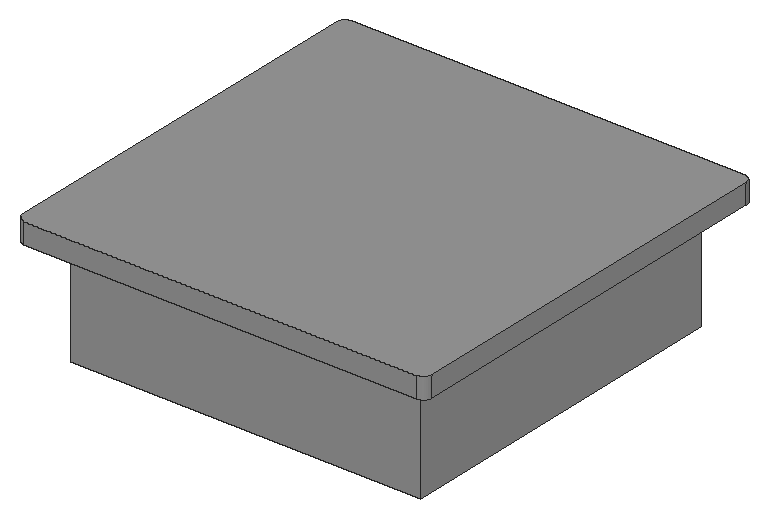
Revit family "CENTUM Schutzkappen XL80 - XL120 Logo Grau", category HLS-Bauteile, Revit 2023
Family settings
  Bemaßung runder Anschluss = Durchmesser verwenden
  Teiletyp = Normal
  Arbeitsebenenbasiert = Ja
  Immer vertikal = Nein
  Beim Laden mit Abzugskörper schneiden = Nein
  Beschriftungsausrichtung beibehalten = Nein
  Gemeinsam genutzt = Ja
  Raumberechnungspunkt = Nein
Parameters (values of type "CENTUM Schutzkappe XL100")
  vpe = "20"
  Default Elevation = 1219.2 mm
  Regelhalter [instance] = ""
  Profiltyp = "XL 100"
  Mengeneinheit = "St"
  Materialname = "PE"
  Material = "Kunststoff"
  L2 = 27 mm
  L1 = 5 mm
  Kurztext2 = "für Profil XL 100 PE Schwarz"
  Kurztext1 = "Schutzkappe CENTUM"
  H2 = 46 mm
  H1 = 22 mm
  Gewicht pro Bauteil = Gewicht  # 0.079 kg
  Gewicht = 0.079 kg
  Firma = "MEFA Befestigungs- und Montagesysteme GmbH"
  Farbe = "Schwarz"
  Fabrikat = "MEFA"
  EAN = "4250928463272"
  BP = 7.5 mm
  B2 = 7.5 mm
  B1 = 100 mm
  B = 100 mm
  Artikelnummer = "1670101"
Types (4, lengths in mm): name | Profiltyp | L2 | Kurztext2 | H2 | H1 | Gewicht pro Bauteil | Gewicht | EAN | BP | B2 | B1 | B | Artikelnummer
  (no name) | "XL 100" | 27 | "für Profil XL 100 PE Schwarz" | 46 | 22 | 0.079 kg | 0.079 kg | "4250928463272" | 7.5 | 7.5 | 100 | 100 | "1670101"
  CENTUM Schutzkappe XL 80 | "XL 80" | 28 | "für Profil XL 80 PE Schwarz" | 37 | 13 | 0.059 kg | 0.059 kg | "4250928463265" | 7 | 7 | 80 | 80 | "1670081"
  CENTUM Schutzkappe XL100 | "XL 100" | 27 | "für Profil XL 100 PE Schwarz" | 46 | 22 | 0.079 kg | 0.079 kg | "4250928463272" | 7.5 | 7.5 | 100 | 100 | "1670101"
  CENTUM Schutzkappe XL120 | "XL 120" | 27 | "für Profil XL 120 PE Schwarz" | 56 | 26.5 | 0.092 kg | 0.092 kg | "4250928463432" | 8.5 | 7.5 | 120 | 100 | "1670121"
Reference planes
  plane 1 "Mitte (Vorne/hinten)": y = 0
  plane 2: z = 0
  plane 3 "Mitte (Links/rechts)": x = 0
  plane 4: z = 5
  plane 5: y = 100
  plane 6: x = 100
  plane 7: y = 7.5
  plane 8: x = 7.5
  plane 9: z = -27
  plane 10: y = 46
  plane 11: x = 22
  plane 12 "Mitte": y = 60
Forms (mm)
  Extrusion 1, solid, material "Acetalharz, schwarz"
    sketch origin (0, 0, 0) x (1, 0, 0) y (0, 1, 0)
      loop
        line (0, 0) -> (98.003, 0)
        arc (98.003, 0) -> (99.415, 0.585) -> (100, 1.997) r 1.997
        line (100, 1.997) -> (100, 97.969)
        arc (100, 97.969) -> (99.405, 99.405) -> (97.969, 100) r 2.031
        line (97.969, 100) -> (1.971, 100)
        arc (1.971, 100) -> (0.577, 99.423) -> (0, 98.029) r 1.971
        line (0, 98.029) -> (0, 0)
    from 0 to 5
  Extrusion 2, void
    sketch origin (0, 0, 0) x (1, 0, 0) y (0, 1, 0)
      loop
        arc (2.028, 0) -> (0.594, 0.594) -> (0, 2.028) r 2.028
        line (0, 2.028) -> (0, 0) -> (2.028, 0)
    from 0 to 5
  Extrusion 3, solid, material "Acetalharz, schwarz"
    sketch origin (0, 0, 0) x (1, 0, 0) y (0, 1, 0)
      loop
        line (7.5, 7.5) -> (93, 7.5) -> (93, 93) -> (7.5, 93) -> (7.5, 7.5)
    from 0 to -27
Cuts and joins
  Extrusion 2 cuts Extrusion 1
Lines and regions (mm)
  model lines
    curve 1: line (0, 50, 0) -> (100, 50, 0)
    curve 2: line (50, 100, 0) -> (50, 0, 0)
Dimensions and locks
  "L1": level to plane 4
  "B": plane 3 "Mitte (Links/rechts)" to plane 6
  "B1": plane 5 to plane 1 "Mitte (Vorne/hinten)"
  "BP": plane 3 "Mitte (Links/rechts)" to plane 8
  "B2": plane 7 to plane 1 "Mitte (Vorne/hinten)"
  "L2": plane 9 to level
  "H2": plane 10 to plane 1 "Mitte (Vorne/hinten)"
  "H1": plane 3 "Mitte (Links/rechts)" to plane 11
  equal spacing: cut or joined group of Extrusion 1, Extrusion 2, curve 2, cut or joined group of Extrusion 1, Extrusion 2
  equal spacing: plane 5, curve 1, plane 1 "Mitte (Vorne/hinten)"
  cut or joined group of Extrusion 1, Extrusion 2 to Extrusion 3 = 7.5 mm  (x2)
  cut or joined group of Extrusion 1, Extrusion 2 to Extrusion 3 = 7 mm
  Extrusion 3 to cut or joined group of Extrusion 1, Extrusion 2 = 7 mm
  aligned and locked: level to plane 2
  aligned and locked: plane 1 "Mitte (Vorne/hinten)" to Extrusion 1 sketch curve
  aligned and locked: plane 3 "Mitte (Links/rechts)" to Extrusion 1 sketch curve
  aligned and locked: Extrusion 1 sketch curve to plane 5
  aligned and locked: Extrusion 1 sketch curve to plane 6
  aligned and locked: Extrusion 1 sketch curve to plane 1 "Mitte (Vorne/hinten)"
  aligned and locked: plane 4 to Extrusion 1
  aligned and locked: Extrusion 1 to Extrusion 2
  aligned and locked: plane 7 to Extrusion 3 sketch curve
  aligned and locked: plane 8 to Extrusion 3 sketch curve
  aligned and locked: level to Extrusion 3
  aligned and locked: Extrusion 3 to plane 9
  aligned and locked: plane 11 to nested 1
  aligned and locked: nested 1 to plane 10
Automatic sketch dimensions
  Extrusion 1 sketch curve to Extrusion 1 sketch curve = 1.971 mm
  Extrusion 1 sketch curve to Extrusion 1 sketch curve = 2.031 mm
  Extrusion 1 sketch curve to plane 6 = 1.997 mm
  plane 1 "Mitte (Vorne/hinten)" to Extrusion 2 sketch curve = 0 mm
  Extrusion 2 sketch curve to plane 3 "Mitte (Links/rechts)" = 0 mm
  Extrusion 2 sketch curve to Extrusion 2 sketch curve = 2.028 mm
  curve 1 to plane 3 "Mitte (Links/rechts)" = 0 mm
  curve 2 to plane 5 = 0 mm
  plane 1 "Mitte (Vorne/hinten)" to curve 2 = 0 mm
  curve 1 to plane 6 = 0 mm
  Extrusion 3 sketch curve to plane 6 = 7 mm
  Extrusion 3 sketch curve to plane 5 = 7 mm
Nested families
  nested 1: "MEFA Logo Dübel Grau groß" at (22, 46, 5), type "MEFA Logo Dübel Grau groß"
Definition of nested family "MEFA Logo Dübel Grau groß"
  Parameters (values of type "MEFA Logo Dübel Grau groß")
    Default Elevation = 1219.2 mm
    Regelhalter [instance] = ""
  Reference planes
    plane 1 "Mitte (Vorne/hinten)": y = 0
    plane 2: z = 0
    plane 3 "Mitte (Links/rechts)": x = 0
    plane 4: x = 52.033
    plane 5: z = 0.79
    plane 6: y = 12.5
  Forms (mm)
    Extrusion 1, solid
      sketch origin (0, 0, 0) x (1, 0, 0) y (0, 1, 0)
        loop
          line (-1219.2, 1219.2) -> (-1219.2, -1219.2) -> (1219.2, -1219.2) -> (1219.2, 1219.2) -> (-1219.2, 1219.2)
      from 0 to -304.8
  Dimensions and locks
    plane 3 "Mitte (Links/rechts)" to plane 4 = 52.033 mm
    Extrusion 1 to plane 5 = 0.79 mm
    plane 6 to plane 1 "Mitte (Vorne/hinten)" = 12.5 mm
    aligned and locked: plane 2 to Extrusion 1
    aligned and locked: level to Extrusion 1
